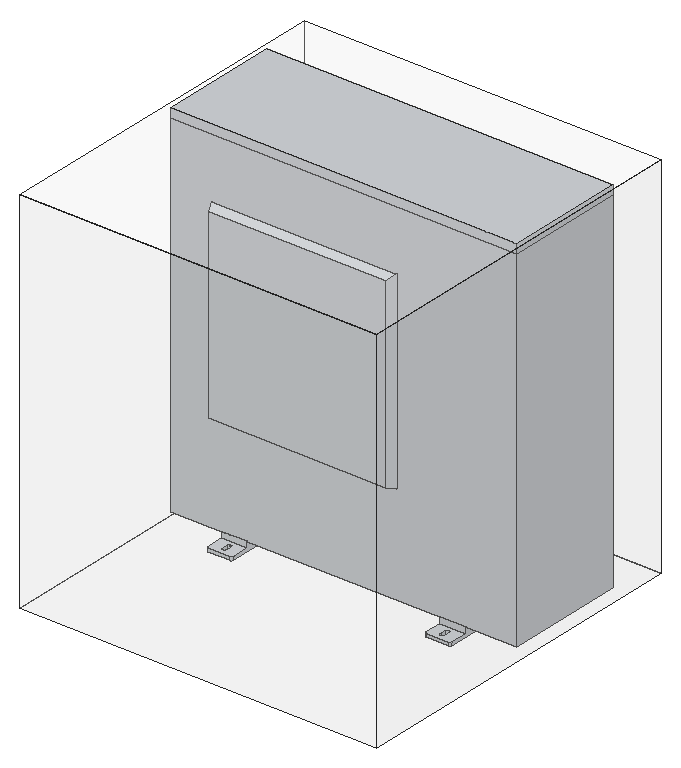
Revit family "puz-ermp80sha_280ka12_60Hz", category 機械設備, Revit 2019 (continued)
Definition of nested family "固定点"
  Dimensions and locks
    aligned and locked: curve 8 to plane 4
  Automatic sketch dimensions
    curve 5 to plane 5 = 0 mm
    curve 6 to plane 3 "中心(左/右)" = 200 mm
    curve 5 to plane 3 "中心(左/右)" = 200 mm
    curve 4 to curve 6 = 200 mm
    curve 3 to curve 5 = 200 mm
    plane 1 "中心(正面/背面)" to curve 8 = 200 mm
    plane 1 "中心(正面/背面)" to curve 7 = 200 mm
    curve 3 to curve 8 = 200 mm
    curve 1 to curve 7 = 200 mm
Types (7, lengths in mm): name | 音響パワーレベル（冷）(dB) | 音響パワーレベル(dB) | 電源位置Y | 電源位置Z | 電源位置X | 電動機出力_送風機 | 電動機出力_圧縮機 | 質量 | 製品質量 | 相 | 消費電力_暖房 | 消費電力_冷房 | 消費電力 | 構成品番 | 極数 | 最小電線太さ_mm2 | 暖房能力 | 推奨ブレーカー容量 | 形名 | 価格 | ドレン　位置Z | ドレン　位置Y | ドレン　位置X | 冷房能力 | 冷媒管（ガス）位置X | 冷媒管（液）位置X | 冷媒管（液）位置Y | 冷媒管（ガス）位置Y | 冷媒管径符号 | 冷媒管位置Z | 冷媒管位置Y | 冷媒管位置X | 冷媒液管径 | 冷媒ガス管径 | ユニット3 | ユニット2 | Width | URL | Height | Clearance Right | Clearance Left | Clearance Front | Clearance Back
  PUZ-ERMP80HA12 | 68 | 70 | 2 | 459 | 275 | 0.06 kW | 1.6 kW | 67.20 kg | 56.00 kg | 3 | 2.01 kW | 1.98 kW | 2.01 kW | "PUZ-ERMP80HA" | 3 | 1.6 | 8 kW | 20 A | PUZ-ERMP-2 : PUZ-EREMP80 | 721000 | 23 | 111 | 30 | 7.1 kW | 434 | 377 | 290 | 229 | "Bd" | 295 | 259.5 | 405.5 | 9.52 | 15.88 | no | yes | 950 | "https://www.mitsubishielectric.co.jp/ldg/wink/ssl/displayProduct.do?pid=323570" | 740 | 10 | 10 | 500 | 100
  PUZ-ERMP112LA12 | 72 | 74 | 5 | 685 | 275 | 0.2 kW | 2.1 kW | 80.40 kg | 67.00 kg | 3 | 2.45 kW | 2.32 kW | 2.45 kW | "PUZ-ERMP112LA" | 3 | 1.6 | 11.2 kW | 30 A | PUZ-ERMP-4 : PUZ-ERMP112 | 853000 | 23 | 111.4 | 52 | 10 kW | 429 | 372 | 290.5 | 269 | "Bd" | 447 | 279.75 | 400.5 | 9.52 | 15.88 | no | yes | 950 | "https://www.mitsubishielectric.co.jp/ldg/wink/ssl/displayProduct.do?pid=323576" | 1018 | 15 | 15 | 500 | 150
  PUZ-ERMP224KA2 | 79 | 81 | 2 | 1063 | 325 | 0.3 kW | 4.6 kW | 127.20 kg | 106.00 kg | 3 | 6.52 kW | 6.21 kW | 6.52 kW | "PUZ-ERMP224KA" | 3 | 2 | 22.4 kW | 40 A | PUZ-ZRMP-3 : PUZ-ZRMP224KA | 1565000 | 23 | 176 | 45 | 20 kW | 479 | 423 | 290 | 236 | "Bg" | 450 | 263 | 451 | 9.52 | 25.40 | yes | no | 1050 | "https://www.mitsubishielectric.co.jp/ldg/wink/ssl/displayProduct.do?pid=323585" | 1338 | 15 | 15 | 1000 | 150
  PUZ-ERMP280KA2 | 82 | 83 | 2 | 1063 | 325 | 0.4 kW | 6 kW | 140.40 kg | 117.00 kg | 3 | 8.62 kW | 9.33 kW | 9.33 kW | "PUZ-ERMP280KA" | 3 | 2 | 28 kW | 50 A | PUZ-ZRMP-3 : PUZ-ZRMP224KA | 1917000 | 26 | 176 | 45 | 25 kW | 479 | 423 | 290 | 236 | "Cg" | 450 | 263 | 451 | 12.70 | 25.40 | yes | no | 1050 | "https://www.mitsubishielectric.co.jp/ldg/wink/ssl/displayProduct.do?pid=323588" | 1338 | 15 | 15 | 1000 | 150
  PUZ-ERMP80SHA12 | 68 | 70 | 2 | 459 | 275 | 0.06 kW | 1.6 kW | 70.80 kg | 59.00 kg | 1 | 2.01 kW | 1.98 kW | 2.01 kW | "PUZ-ERMP80SHA" | 1 | 1.6 | 8 kW | 30 A | PUZ-ERMP-2 : PUZ-EREMP80 | 721000 | 23 | 111 | 30 | 7.1 kW | 434 | 377 | 290 | 229 | "Bd" | 295 | 259.5 | 405.5 | 9.52 | 15.88 | no | yes | 950 | "https://www.mitsubishielectric.co.jp/ldg/wink/ssl/displayProduct.do?pid=323571" | 740 | 10 | 10 | 500 | 100
  PUZ-ERMP140LA12 | 73 | 74 | 5 | 685 | 275 | 0.2 kW | 2.6 kW | 90.00 kg | 75.00 kg | 3 | 3.32 kW | 3.37 kW | 3.37 kW | "PUZ-ERMP140LA" | 3 | 1.6 | 14 kW | 30 A | PUZ-ERMP-4 : PUZ-ERMP112 | 1010000 | 23 | 111.4 | 52 | 12.5 kW | 429 | 372 | 290.5 | 269 | "Bd" | 447 | 279.75 | 400.5 | 9.52 | 15.88 | no | yes | 950 | "https://www.mitsubishielectric.co.jp/ldg/wink/ssl/displayProduct.do?pid=323579" | 1018 | 15 | 15 | 500 | 150
  PUZ-ERMP160LA12 | 74 | 76 | 5 | 685 | 275 | 0.2 kW | 3.5 kW | 90.00 kg | 75.00 kg | 3 | 4.13 kW | 4.27 kW | 4.27 kW | "PUZ-ERMP160LA" | 3 | 1.6 | 16 kW | 30 A | PUZ-ERMP-4 : PUZ-ERMP112 | 1125000 | 23 | 111.4 | 52 | 14 kW | 429 | 372 | 290.5 | 269 | "Bd" | 447 | 279.75 | 400.5 | 9.52 | 15.88 | no | yes | 950 | "https://www.mitsubishielectric.co.jp/ldg/wink/ssl/displayProduct.do?pid=323582" | 1018 | 15 | 15 | 500 | 150
